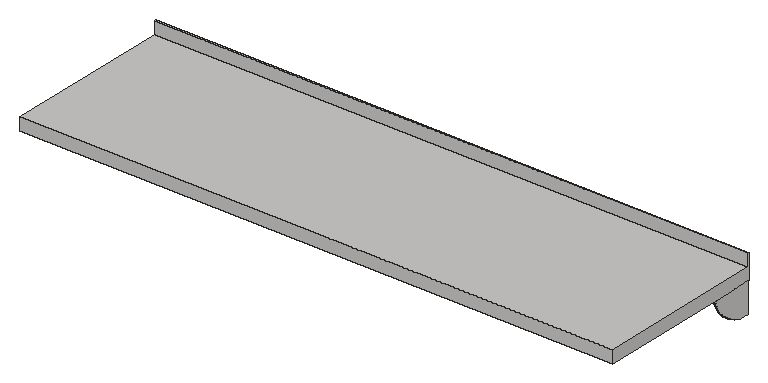
Revit family "QF_ELECTROLUXPROFESSIONAL_132825_WSS144N", category Attrezzature speciali, Revit 2020
Family settings
  Quota connettore circolare = Usa diametro
  Tipo di parte = Normale
  Basato su piano di lavoro = No
  Sempre verticale = Sì
  Taglio con vuoti quando caricato = No
  Condiviso = No
  Punto di calcolo locali = No
Parameters (values of type "Standard")
  Weight = 6.00 kg
  Watts = 0 W
  Volts = 0 V
  URL Manufacturer = "https://www.electroluxprofessional.com/"
  URL = "https://www.electroluxprofessional.com/"
  Steam Supply Size = 0 mm
  Steam Supply Minimum Pressure = 0.0 Pa
  Steam Supply Maximum Pressure = 0.0 Pa
  Steam Consumption per Hour = 0
  Refrigeration Suction Line Size = 0.0 mm
  Refrigeration Liquid Line Size = 0.0 mm
  Refrigerant Compressor Remote = yes
  Prospetto di default = 0.0 mm
  Produttore = "Electrolux Professional"
  Phase = 0
  Modello = "WSS144N"
  Length Actual = 1400.0 mm  # constant formula
  Item Number = "132825"
  Hot Water Size = 0 mm
  Height Actual = 30.0 mm  # constant formula
  HP = "0 HP"
  Gas Size = 0 mm
  Gas KW = 0
  Gas Input Pressure = 0 W
  Direct Waste Size = 0 mm
  Descrizione = "SOLID WALL SHELF WITH BRACKETS 1400 MM"
  Depth Actual = 400.0 mm  # constant formula
  Cycle = 0 Hz
  Condensate Return Size = 0 mm
  Compressed Air Volume = 0.0 L/s
  Compressed Air Size = 0 mm
  Compressed Air Pressure = 0.0 Pa
  Cold Water Size = 0 mm
  Accessory = yes
Reference planes
  plane 1 "Center (Front/Back)": y = 0
  plane 2: z = 0
  plane 3 "Center (Left/Right)": x = -200
  plane 4 "LEFT": x = -900
  plane 5 "RIGHT": x = 500
  plane 6 "BACK": y = 50
  plane 7 "FRONT": y = -350
  plane 8 "TOP": z = 132
  plane 9: z = 102
  plane 10: z = 72
Forms (mm)
  Extrusion 1, solid, material "QF_Finishes_Stainless Steel"
    sketch origin (-200, 0, 0) x (0, 1, 0) y (0, 0, 1)
      loop
        line (48, 102) -> (-350, 102) -> (-350, 72) -> (50, 72) -> (50, 132) -> (48, 132) -> (48, 102)
    from 700 to -700
  Extrusion 2, solid, material "QF_Finishes_Stainless Steel"
    sketch origin (-900, 0, 0) x (0, 1, 0) y (0, 0, 1)
      loop
        line (50, 72) -> (-50, 72)
        arc (-50, 72) -> (-13.401, 19.967) -> (47, 0) r 101.34
        line (47, 0) -> (50, 0) -> (50, 72)
    from 0 to 3
  Extrusion 3, solid, material "QF_Finishes_Stainless Steel"
    sketch origin (500, 0, 0) x (0, 1, 0) y (0, 0, 1)
      loop
        line (50, 72) -> (-50, 72)
        arc (-50, 72) -> (-13.401, 19.967) -> (47, 0) r 101.34
        line (47, 0) -> (50, 0) -> (50, 72)
    from 0 to -3
  Extrusion 4, solid, material "QF_Finishes_Stainless Steel"
    sketch origin (0, 50, 0) x (-1, 0, 0) y (0, 0, 1)
      loop
        line (897, 72) -> (870, 72) -> (870, 0) -> (897, 0) -> (897, 72)
      loop
        arc (878.5, 10) -> (875.5, 7) -> (878.5, 4) r 3
        line (878.5, 4) -> (888.5, 4)
        arc (888.5, 4) -> (891.5, 7) -> (888.5, 10) r 3
        line (888.5, 10) -> (878.5, 10)
    from 0 to -3
  Extrusion 5, solid, material "QF_Finishes_Stainless Steel"
    sketch origin (0, 50, 0) x (1, 0, 0) y (0, 0, -1)
      loop
        line (497, -72) -> (497, 0) -> (470, 0) -> (470, -72) -> (497, -72)
      loop
        line (478.5, -10) -> (488.5, -10)
        arc (488.5, -10) -> (491.5, -7) -> (488.5, -4) r 3
        line (488.5, -4) -> (478.5, -4)
        arc (478.5, -4) -> (475.5, -7) -> (478.5, -10) r 3
    from 0 to -3
Lines and regions (mm)
  symbolic lines
    curve 1: line (500, 50, 132) -> (-900, 50, 132)
    curve 2: line (-900, 50, 132) -> (-900, -350, 132)
    curve 3: line (-900, -350, 132) -> (500, -350, 132)
    curve 4: line (500, -350, 132) -> (500, 50, 132)
    curve 5: line (500, 48, 132) -> (-900, 48, 132)
Dimensions and locks
  plane 4 "LEFT" to plane 5 "RIGHT" = 1400.0 mm
  equal spacing: plane 4 "LEFT", plane 3 "Center (Left/Right)", plane 5 "RIGHT"
  locked: plane 8 "TOP" to level at 132
  plane 6 "BACK" to plane 7 "FRONT" = 400.0 mm
  plane 6 "BACK" to plane 1 "Center (Front/Back)" to plane 7 "FRONT" = 50.0 mm, 350.0 mm
  locked: plane 8 "TOP" to plane 9 at 30
  plane 9 to plane 10 = 30.0 mm
  locked: Extrusion 4 sketch curve to Extrusion 2 at 27
  aligned and locked: level to plane 2
  aligned and locked: Extrusion 1 to plane 4 "LEFT"
  aligned and locked: plane 5 "RIGHT" to Extrusion 1
  aligned and locked: curve 2 to plane 4 "LEFT"
  aligned and locked: Extrusion 1 sketch curve to plane 9
  aligned and locked: Extrusion 4 sketch curve to Extrusion 2
  aligned and locked: Extrusion 4 sketch curve to Extrusion 1
  aligned and locked: Extrusion 4 sketch curve to level
  aligned and locked: plane 6 "BACK" to Extrusion 3 sketch curve
  aligned and locked: Extrusion 3 sketch curve to plane 10
  aligned and locked: Extrusion 3 sketch curve to level
  aligned and locked: plane 6 "BACK" to Extrusion 2 sketch curve
  aligned and locked: Extrusion 2 sketch curve to plane 10
  aligned and locked: Extrusion 2 sketch curve to level
Automatic sketch dimensions
  Extrusion 1 sketch curve to plane 7 "FRONT" = 0.0 mm
  Extrusion 1 sketch curve to plane 8 "TOP" = 0.0 mm
  Extrusion 1 sketch curve to plane 6 "BACK" = 0.0 mm
  Extrusion 1 sketch curve to plane 10 = 0.0 mm
  Extrusion 1 sketch curve to plane 6 "BACK" = 2.0 mm
  Extrusion 2 sketch curve to Extrusion 2 sketch curve = 3.0 mm
  plane 1 "Center (Front/Back)" to Extrusion 2 sketch curve = 50.0 mm
  Extrusion 3 sketch curve to Extrusion 3 sketch curve = 3.0 mm
  plane 1 "Center (Front/Back)" to Extrusion 3 sketch curve = 50.0 mm
  Extrusion 4 sketch curve to Extrusion 4 sketch curve = 8.5 mm
  Extrusion 4 sketch curve to Extrusion 4 sketch curve = 10.0 mm
  level to Extrusion 4 sketch curve = 4.0 mm
  Extrusion 4 sketch curve to Extrusion 4 sketch curve = 3.0 mm
  curve 3 to plane 7 "FRONT" = 0.0 mm
  curve 5 to plane 5 "RIGHT" = 0.0 mm
  curve 4 to plane 6 "BACK" = 0.0 mm
  curve 5 to plane 6 "BACK" = 2.0 mm
  Extrusion 5 sketch curve to plane 10 = 0.0 mm
  Extrusion 5 sketch curve to level = 0.0 mm
  plane 5 "RIGHT" to Extrusion 5 sketch curve = 30.0 mm
  Extrusion 5 sketch curve to Extrusion 5 sketch curve = 8.5 mm
  Extrusion 5 sketch curve to Extrusion 5 sketch curve = 10.0 mm
  plane 5 "RIGHT" to Extrusion 5 sketch curve = 3.0 mm
  Extrusion 5 sketch curve to level = 4.0 mm
  Extrusion 5 sketch curve to Extrusion 5 sketch curve = 3.0 mm
